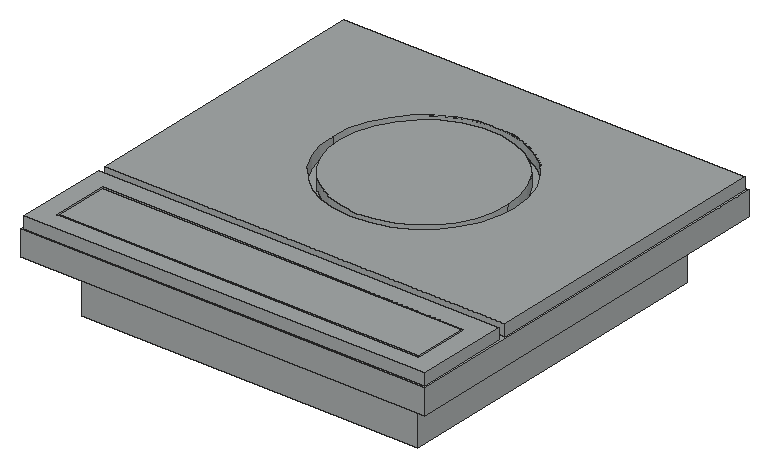
Revit family "Gira_5568920", category Electrical Fixtures, host Face, Revit 2017
Family settings
  Host = Face
  Maintain Annotation Orientation = Yes
  Round Connector Dimension = Use Diameter
  Part Type = Normal
  Cut with Voids When Loaded = No
  Shared = No
  Room Calculation Point = No
Parameters (values of type "Blank mod. System 106 stainl.steel")
  URL = "http://katalog.gira.de/en/datenblatt.html?artikelnr=5568920"
  Number of bell buttons = "0"
  Name = "Blank mod. System 106 stainl.steel"
  Model = "Sys106_Abdeckung_Schalten und Tasten"
  Manufacturer URL = "https://www.gira.de/"
  Manufacturer = "Gira"
  HeinzeBIM = "https://bimportal.heinze.de/bim/blank-mod-system-106-stainl-steel/ea7941b1932142cbc5e590af4b50448beade406b"
  HAN = "5568920"
  GTIN = "4010337022862"
  Edelstahl [instance] = Edelstahl
  Description = "Bl.mod. S106 SST,System 106 blank module,,Stainless steel,The Gira System 106 is an installation system made of metal in a puristic and elegant frameless design, based on basic measurements of 106.5 × 106.5 mm. With the modular door intercom in Gira System 106, hospitality begins even before you reach the front door. All the functions are presented in a harmonious overall appearance, from the call button module, intercom module, and camera module, up to the info and blank module. In the dark, backlit call buttons with inscription space ensure good legibility and an attractive appearance.,,Individually adaptable modular system, The System 106 can be used in family homes or apartment buildings, as well as in office buildings, industrial properties, and hotels. The modular design enables the system's size, design, and functionality to be individually adapted to the respective requirements. Expansions and changes are possible at any time by easily exchanging the modules.,With this system, it is also possible to exchange the fronts only. This means that the appearance of the system can be changed from e.g. traffic white to a stainless steel surface at a later stage, without having to exchange the electronic units.,,High-quality materials,The modules are frameless with design fronts made of genuine materials, available in two brushed stainless steel versions (V2A and V4A), anodised aluminium C-0, and a metal alloy lacquered in traffic white (RAL 9016): all robust materials which ensure durability. The camera and DIN 18040 display module feature a black glass cover.,,Easy and phased installation,The system can be installed in phases, in parallel to the progress of building work. In this way, it is possible to initially install only the lower part of a surface-mounted housing during construction of the shell; cables and modules can then be added when they are needed.,,Individual inscription options,Call button modules and info modules can be labelled individually via the Gira inscription service.,,Features:,- Leaves a space for future applications and serves as a design element for realising large door stations in the system style.,,Notes :,- The info module must be selected for an inscribable variant."
  Default Elevation = 1219.2 mm
  Data sheet (1) = "https://katalog.gira.de/en/download.html?artikelnr=5568920"
  Category = "Functional module for door communication"
  BIM (1) = "https://media.stage.bim.site/public/gira/36a6b08/Sys106_Abdeckung_Schalten und Tasten.rfa?public/gira/36a6b08/Sys106_Abdeckung_Schalten und Tasten.rfa"
  Available = "No"
Reference planes
  plane 1 "Center (Front/Back)": y = 0
  plane 2 "Reference Level 0": z = 0
  plane 3 "Center (Left/Right)": x = 0
  plane 4 "Reference Level 1": z = 9.5
Forms (mm)
  Extrusion 1, solid, material "Edelstahl" <- "Edelstahl", detail levels coarse
    sketch origin (0, 0, 0) x (1, 0, 0) y (0, 1, 0)
      loop
        line (-53, 53) -> (-53, -53) -> (53, -53) -> (53, 53) -> (-53, 53)
    from -14.7 to 9.5
  Extrusion 2, solid, material "Edelstahl" <- "Edelstahl", detail levels fine
    sketch origin (0, 0, 0) x (1, 0, 0) y (0, 1, 0)
      loop
        line (52.5, -28) -> (-52.5, -28) -> (-52.5, -52.5) -> (52.5, -52.5) -> (52.5, -28)
      loop
        line (-47.5, -48) -> (47.5, -48) -> (47.5, -33) -> (-47.5, -33) -> (-47.5, -48)
    from 6.5 to 9.5
  Extrusion 3, solid, material "Edelstahl" <- "Edelstahl", detail levels fine
    sketch origin (0, 0, 0) x (1, 0, 0) y (0, 1, 0)
      loop
        line (-52.5, 52.5) -> (-52.5, -26) -> (52.5, -26) -> (52.5, 52.5) -> (-52.5, 52.5)
      loop
        circle (0, 13) r 24
    from 6.5 to 9.5
  Extrusion 4, solid, material "Edelstahl" <- "Edelstahl", detail levels medium+fine
    sketch origin (0, 0, 0) x (1, 0, 0) y (0, 1, 0)
      loop
        line (-53, 53) -> (-53, -53) -> (53, -53) -> (53, 53) -> (-53, 53)
    from 0 to 6.5
  Extrusion 5, solid, material "Edelstahl" <- "Edelstahl", detail levels fine
    sketch origin (0, 0, 0) x (1, 0, 0) y (0, 1, 0)
      loop
        line (-44, 44) -> (-44, -44) -> (44, -44) -> (44, 44) -> (-44, 44)
    from -14.7 to 0
  Extrusion 6, solid, material "Edelstahl" <- "Edelstahl", detail levels fine
    sketch origin (0, 0, 0) x (1, 0, 0) y (0, 1, 0)
      loop
        circle (0, 13) r 22
    from 6.5 to 9.5
  Extrusion 7, solid, material "Edelstahl" <- "Edelstahl", detail levels fine
    sketch origin (0, 0, 0) x (1, 0, 0) y (0, 1, 0)
      loop
        line (-47, -33.5) -> (-47, -47.5) -> (47, -47.5) -> (47, -33.5) -> (-47, -33.5)
    from 6.5 to 9.5
  Extrusion 8, solid, material "Edelstahl" <- "Edelstahl", detail levels medium
    sketch origin (0, 0, 0) x (1, 0, 0) y (0, 1, 0)
      loop
        line (-52.5, 52.5) -> (-52.5, -26) -> (52.5, -26) -> (52.5, 52.5) -> (-52.5, 52.5)
      loop
        line (-52.5, -28) -> (-52.5, -52.5) -> (52.5, -52.5) -> (52.5, -28) -> (-52.5, -28)
    from 6.5 to 9.5
  Extrusion 9, solid, material "Edelstahl" <- "Edelstahl", detail levels medium
    sketch origin (0, 0, 0) x (1, 0, 0) y (0, 1, 0)
      loop
        circle (0, 13) r 24
      loop
        line (-47.5, -33) -> (-47.5, -48) -> (47.5, -48) -> (47.5, -33) -> (-47.5, -33)
    from 6.5 to 9.5
Dimensions and locks
  aligned and locked: plane 2 "Reference Level 0" to host face
  aligned and locked: level to host face
  aligned and locked: Extrusion 4 to host face
  aligned and locked: Extrusion 4 to level
  aligned and locked: level to Extrusion 5
  aligned and locked: level to Extrusion 4
  aligned and locked: Extrusion 4 to plane 2 "Reference Level 0"
  aligned and locked: plane 2 "Reference Level 0" to Extrusion 5
  aligned and locked: plane 3 "Center (Left/Right)" to nested 1
  aligned and locked: plane 1 "Center (Front/Back)" to nested 1
Nested families
  nested 1: "Schalter" at (0, 0, 0), type "Schalter"
Connectors
  electrical at (0, 0, -14.7)
    settings: on Extrusion 5, index 1, voltage 220 V, apparent load 0 VA, apparent load phase1 0 VA, apparent load phase2 0 VA, apparent load phase3 0 VA, power factor 1, load classification "Other", number of poles 1, system type 30, power factor state 1, is connector primary yes, connector utility no, sub classification motor no, connector description ""
Definition of nested family "Schalter"
  Reference planes
    plane 1: y = 0
    plane 2: x = 0
  Lines and regions (mm)
    detail lines
      curve 1: circle (1.375, 2.778, 0) r 0.8 normal (0, 0, 1)
      curve 2: line (1.021, 2.061, 0) -> (0, 0, 0)
      curve 3: line (0, 0, 0) -> (-0.538, 0.266, 0)
  Dimensions and locks
    curve 2 to curve 2 = 2.3 mm
    curve 3 to curve 2 = 0.6 mm
    radius of curve 1 = 0.8 mm
